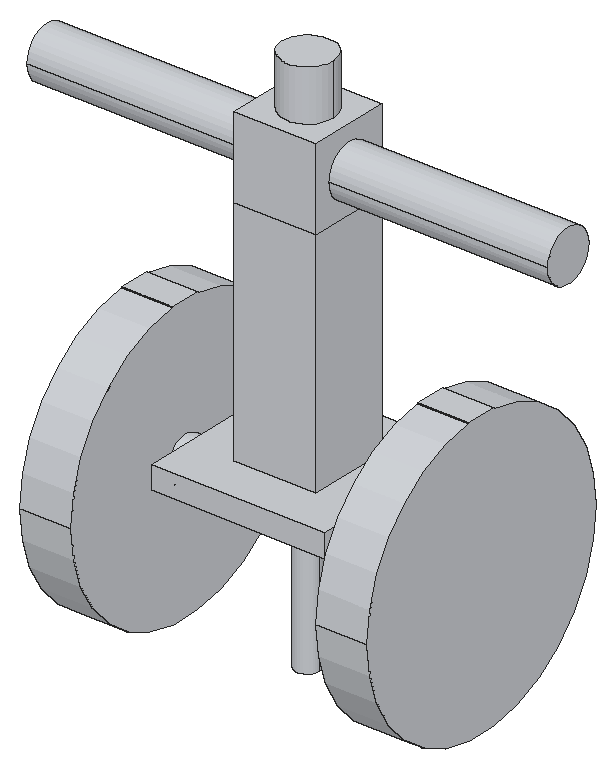
Revit family "87f93f973f2a4c068d18bf6a1d5cddf7", category Pipe Accessories, Revit 2021
Family settings
  Round Connector Dimension = Use Radius
  Part Type = Valve - Breaks Into
  OmniClass Number = 23.65.55.14.17
  OmniClass Title = Adjusting/Controlling Valves for Liquid Services
  Seek Item ID = Plug Valve - Lever Handle - 0.5-4 Inch-0000-USA-ENU
  Work Plane-Based = No
  Always vertical = Yes
  Cut with Voids When Loaded = No
  Shared = No
Parameters (values of type "1/2"")
  Width 1 = 1.5 * Nominal Radius  # 0' - 0 3/8"
  Valve Material = none
  Valve Length = 0' - 4 1/4"
  Radius 2 = 0.25 * Length 2  # 0' - 0 157/256"
  Radius 1 = 0.5 * Diameter 1  # 0' - 0.15"
  Outside Radius = 0.5 * Outside Diameter  # 0' - 0.275"
  Outside Diameter = Nominal Radius * 2.2  # 0.55"
  Open Height = 0' - 5"
  Nominal Radius = 1/4"
  Nominal Diameter = Nominal Radius * 2  # 1/2"
  Lever Length = 0' - 6 3/8"
  Length 2 = 0' - 2 29/64"
  Length 1 = 1 / 2 * Valve Length  # 0' - 2 1/8"
  K Coefficient = 0.33
  Height 3 = 0.55 * Nominal Diameter  # 0' - 0.275"
  Height 2 = 1.1 * Nominal Diameter  # 0' - 0.55"
  Height 1 = 0' - 1 3/4"
  Flange Radius = 0.5 * Flange Diameter  # 0' - 1 3/4"
  Flange Diameter = 0' - 3 1/2"
  Diameter 1 = 0.6 * Nominal Diameter  # 0' - 0.3"
  Default Elevation = 0' - 0"
Types (9): name | Width 1 | Valve Length | Radius 2 | Radius 1 | Outside Radius | Outside Diameter | Open Height | Nominal Radius | Nominal Diameter | Lever Length | Length 2 | Length 1 | K Coefficient | Height 3 | Height 2 | Height 1 | Flange Radius | Flange Diameter | Diameter 1
  (no name) | 0' - 0 3/8" | 0' - 4 1/4" | 0' - 0 157/256" | 0' - 0.15" | 0' - 0.275" | 0.55" | 0' - 5" | 1/4" | 1/2" | 0' - 6 3/8" | 0' - 2 29/64" | 0' - 2 1/8" | 0.33 | 0' - 0.275" | 0' - 0.55" | 0' - 1 3/4" | 0' - 1 3/4" | 0' - 3 1/2" | 0' - 0.3"
  1/2" | 0' - 0 3/8" | 0' - 4 1/4" | 0' - 0 157/256" | 0' - 0.15" | 0' - 0.275" | 0.55" | 0' - 5" | 1/4" | 1/2" | 0' - 6 3/8" | 0' - 2 29/64" | 0' - 2 1/8" | 0.33 | 0' - 0.275" | 0' - 0.55" | 0' - 1 3/4" | 0' - 1 3/4" | 0' - 3 1/2" | 0' - 0.3"
  3/4" | 0' - 0 9/16" | 0' - 4 5/8" | 0' - 0 171/256" | 0' - 0.225" | 0' - 0.4125" | 0.825" | 0' - 5" | 3/8" | 3/4" | 0' - 6 3/8" | 0' - 2 43/64" | 0' - 2 5/16" | 1.67 | 0' - 0.4125" | 0' - 0.825" | 0' - 1 241/256" | 0' - 1 15/16" | 0' - 3 7/8" | 0' - 0.45"
  1" | 0' - 0 3/4" | 0' - 5 1/2" | 0' - 0.79395" | 0' - 0.3" | 0' - 0.55" | 1.1" | 0' - 3 13/16" | 1/2" | 1" | 0' - 8 3/4" | 0' - 3 45/256" | 0' - 2 3/4" | 0.69 | 0' - 0.55" | 0' - 1.1" | 0' - 2 1/8" | 0' - 2 1/8" | 0' - 4 1/4" | 0' - 0.6"
  1 1/2" | 0' - 1 1/8" | 0' - 6 1/2" | 0' - 0.93848" | 0' - 0.45" | 0' - 0.825" | 1.65" | 0' - 4 9/16" | 3/4" | 1 1/2" | 1' - 0 1/2" | 0' - 3 193/256" | 0' - 3 1/4" | 0.27 | 0' - 0.825" | 0' - 1.65" | 0' - 2 1/2" | 0' - 2 1/2" | 0' - 5" | 0' - 0.9"
  2" | 0' - 1 1/2" | 0' - 7" | 0' - 1.01074" | 0' - 0.6" | 0' - 1.1" | 2.2" | 0' - 5 1/8" | 1" | 2" | 1' - 6" | 0' - 4 11/256" | 0' - 3 1/2" | 0.27 | 0' - 1.1" | 0' - 2.2" | 0' - 3" | 0' - 3" | 0' - 6" | 0' - 1.2"
  2 1/2" | 0' - 1 7/8" | 0' - 8" | 0' - 1.1543" | 0' - 0 3/4" | 0' - 1 3/8" | 2 3/4" | 0' - 5 11/16" | 1 1/4" | 2 1/2" | 2' - 0" | 0' - 4 79/128" | 0' - 4" | 0.44 | 0' - 1 3/8" | 0' - 2 3/4" | 0' - 3 1/2" | 0' - 3 1/2" | 0' - 7" | 0' - 1 1/2"
  3" | 0' - 2 1/4" | 0' - 8" | 0' - 1.1543" | 0' - 0.9" | 0' - 1.65" | 3.3" | 0' - 5 11/16" | 1 1/2" | 3" | 2' - 0" | 0' - 4 79/128" | 0' - 4" | 1.07 | 0' - 1.65" | 0' - 3.3" | 0' - 3 3/4" | 0' - 3 3/4" | 0' - 7 1/2" | 0' - 1.8"
  4" | 0' - 3" | 0' - 9" | 0' - 1.29883" | 0' - 1.2" | 0' - 2.2" | 4.4" | 0' - 7" | 2" | 4" | 2' - 6" | 0' - 5 25/128" | 0' - 4 1/2" | 1.07 | 0' - 2.2" | 0' - 4.4" | 0' - 4 1/2" | 0' - 4 1/2" | 0' - 9" | 0' - 2.4"
Reference planes (in)
  plane 1 "Center (Front/Back)": y = 0
  plane 2: z = 0
  plane 3 "Center (Left/Right)": x = 0
  plane 4: x = 2.125
  plane 5: x = -2.125
  plane 6: x = -1.5
  plane 7: x = 1.5
  plane 8: x = -1.0625
  plane 9: x = 1.0625
  plane 10: y = -1.0625
  plane 11: y = 1.0625
  plane 12: z = 0.55
  plane 13: z = 0.275
  plane 14: z = -1.75
  plane 15: y = 0.1875
  plane 16: y = -0.1875
  plane 17: z = 1.75
  plane 18: z = 5
  plane 19: z = 4.375
  plane 20: z = 3.375
  plane 21: x = 0.5
  plane 22: x = -0.5
  plane 23: y = -0.5
  plane 24: y = 0.5
  plane 25: z = 3.875
  plane 26: x = 3.1875
  plane 27: x = -3.1875
  plane 28: y = 1.22656
  plane 29: y = -1.22656
Forms (in)
  Extrusion 1, solid, material <- "Valve Material", detail levels fine
    sketch origin (0, 0, 0) x (0, 1, 0) y (0, 0, 1)
      loop
        circle (0, 0) r 1.75
    from -2.125 to -1.5
  Extrusion 2, solid, material <- "Valve Material", detail levels fine
    sketch origin (0, 0, 0) x (0, 1, 0) y (0, 0, -1)
      loop
        circle (0, 0) r 1.75
    from -2.125 to -1.5
  Extrusion 3, solid, material <- "Valve Material", detail levels fine
    sketch origin (0, 0, 0) x (0, 1, 0) y (0, 0, 1)
      loop
        circle (0, 0) r 0.275
    from -1.5 to 1.5
  Extrusion 4, solid, material <- "Valve Material", detail levels fine
    sketch origin (0, 0, 0) x (1, 0, 0) y (0, 1, 0)
      loop
        line (-1.0625, 1.0625) -> (-1.0625, -1.0625) -> (1.0625, -1.0625) -> (1.0625, 1.0625) -> (-1.0625, 1.0625)
    from 0.275 to 0.55
  Extrusion 5, solid, material <- "Valve Material", detail levels fine
    sketch origin (0, 0, 0) x (1, 0, 0) y (0, 1, 0)
      loop
        circle (0, 0) r 0.15
    from -1.75 to 0
  Extrusion 6, solid, material <- "Valve Material", detail levels fine
    sketch origin (0, 0, 0) x (1, 0, 0) y (0, 1, 0)
      loop
        line (-2.125, 0.1875) -> (-2.125, -0.1875) -> (-1.5, -0.1875) -> (-1.5, 0.1875) -> (-2.125, 0.1875)
    from 0 to 1.75
  Extrusion 7, solid, material <- "Valve Material", detail levels fine
    sketch origin (0, 0, 0) x (-1, 0, 0) y (0, -1, 0)
      loop
        line (-2.125, -0.1875) -> (-1.5, -0.1875) -> (-1.5, 0.1875) -> (-2.125, 0.1875) -> (-2.125, -0.1875)
    from 0 to 1.75
  Extrusion 8, solid, material <- "Valve Material", detail levels fine
    sketch origin (0, 0, 0) x (1, 0, 0) y (0, 1, 0)
      loop
        circle (0, 0) r 0.3125
    from 4.375 to 5
  Extrusion 9, solid, material <- "Valve Material", detail levels fine
    sketch origin (0, 0, 0) x (1, 0, 0) y (0, 1, 0)
      loop
        line (-0.5, 0.5) -> (-0.5, -0.5) -> (0.5, -0.5) -> (0.5, 0.5) -> (-0.5, 0.5)
    from 3.375 to 4.375
  Extrusion 10, solid, material <- "Valve Material", detail levels fine
    sketch origin (0, 0, 0) x (1, 0, 0) y (0, 1, 0)
      loop
        line (-0.5, 0.5) -> (-0.5, -0.5) -> (0.5, -0.5) -> (0.5, 0.5) -> (-0.5, 0.5)
    from 0.55 to 3.375
  Extrusion 11, solid, material <- "Valve Material", detail levels fine
    sketch origin (0, 0, 0) x (0, 1, 0) y (0, 0, 1)
      loop
        circle (0, 3.875) r 0.3125
    from -3.1875 to 3.1875
Cuts and joins
  joined: Extrusion 8, Extrusion 9
  joined: Extrusion 1, Extrusion 2, Extrusion 3, Extrusion 4, Extrusion 5, Extrusion 6, Extrusion 7, Extrusion 10
Lines and regions (in)
  model lines, detail levels coarse+medium
    curve 1: line (-2.125, 1.22779, 0) -> (2.125, -1.22656, 0)
    curve 2: line (2.125, 1.22656, 0) -> (-2.125, -1.22656, 0)
    curve 3: line (-2.125, 1.22779, 0) -> (-2.125, -1.22656, 0)
    curve 4: line (2.125, 1.22656, 0) -> (2.125, -1.22656, 0)
    curve 5: circle (0, 0, 0) r 0.61328 normal (0, 0, 1)
Dimensions and locks (in)
  equal spacing: plane 5, plane 3 "Center (Left/Right)", plane 4
  "Valve Length": plane 5 to plane 4
  locked: plane 5 to plane 6 at 0.625
  locked: plane 7 to plane 4 at 0.625
  equal spacing: plane 8, plane 3 "Center (Left/Right)", plane 9
  "Length 1": plane 8 to plane 9
  equal spacing: plane 10, plane 1 "Center (Front/Back)", plane 11
  "Length 1": plane 11 to plane 10
  "Height 2": plane 12 to plane 2
  "Height 3": plane 12 to plane 13
  "Flange Radius": plane 2 to plane 14
  equal spacing: plane 15, plane 1 "Center (Front/Back)", plane 16
  "Width 1": plane 15 to plane 16
  "Height 1": plane 17 to plane 2
  "Open Height": plane 18 to plane 2
  locked: plane 18 to plane 19 at 0.625
  locked: plane 19 to plane 20 at 1
  equal spacing: plane 24, plane 1 "Center (Front/Back)", plane 23
  locked: plane 24 to plane 23 at 1
  equal spacing: plane 22, plane 3 "Center (Left/Right)", plane 21
  locked: plane 22 to plane 21 at 1
  locked: plane 19 to plane 25 at 0.5
  equal spacing: plane 27, plane 3 "Center (Left/Right)", plane 26
  "Lever Length": plane 27 to plane 26
  equal spacing: plane 28, plane 1 "Center (Front/Back)", plane 29
  "Length 2": plane 28 to plane 29
  "Flange Radius": radius of Extrusion 1 sketch curve
  "Flange Radius": radius of Extrusion 2 sketch curve
  "Outside Radius": radius of Extrusion 3 sketch curve
  "Radius 1": radius of Extrusion 5 sketch curve
  radius of Extrusion 8 sketch curve = 0' - 0 5/16"
  radius of Extrusion 11 sketch curve = 0' - 0 5/16"
  "Radius 2": radius of curve 5
  locked: curve 1 to curve 2 (angle 60.00°)
  aligned and locked: plane 1 "Center (Front/Back)" to Extrusion 1 sketch curve
  aligned and locked: plane 2 to Extrusion 1 sketch curve
  aligned and locked: plane 5 to Extrusion 1
  aligned and locked: Extrusion 1 to plane 6
  aligned and locked: plane 1 "Center (Front/Back)" to Extrusion 2 sketch curve
  aligned and locked: plane 2 to Extrusion 2 sketch curve
  aligned and locked: plane 4 to Extrusion 2
  aligned and locked: Extrusion 2 to plane 7
  aligned and locked: plane 1 "Center (Front/Back)" to Extrusion 3 sketch curve
  aligned and locked: plane 2 to Extrusion 3 sketch curve
  aligned and locked: plane 6 to Extrusion 3
  aligned and locked: plane 7 to Extrusion 3
  aligned and locked: plane 8 to Extrusion 4 sketch curve
  aligned and locked: Extrusion 4 sketch curve to plane 11
  aligned and locked: plane 10 to Extrusion 4 sketch curve
  aligned and locked: plane 9 to Extrusion 4 sketch curve
  aligned and locked: plane 12 to Extrusion 4
  aligned and locked: Extrusion 4 to plane 13
  aligned and locked: plane 3 "Center (Left/Right)" to Extrusion 5 sketch curve
  aligned and locked: plane 1 "Center (Front/Back)" to Extrusion 5 sketch curve
  aligned and locked: Extrusion 5 to plane 14
  aligned and locked: plane 2 to Extrusion 5
  aligned and locked: plane 5 to Extrusion 6 sketch curve
  aligned and locked: Extrusion 6 sketch curve to plane 15
  aligned and locked: plane 16 to Extrusion 6 sketch curve
  aligned and locked: plane 6 to Extrusion 6 sketch curve
  aligned and locked: plane 17 to Extrusion 6
  aligned and locked: Extrusion 6 to plane 2
  aligned and locked: plane 15 to Extrusion 7
  aligned and locked: plane 4 to Extrusion 7
  aligned and locked: plane 16 to Extrusion 7
  aligned and locked: Extrusion 7 to plane 7
  aligned and locked: plane 17 to Extrusion 7
  aligned and locked: Extrusion 7 to plane 2
  aligned and locked: plane 3 "Center (Left/Right)" to Extrusion 8 sketch curve
  aligned and locked: plane 1 "Center (Front/Back)" to Extrusion 8 sketch curve
  aligned and locked: plane 18 to Extrusion 8
  aligned and locked: Extrusion 8 to plane 19
  aligned and locked: plane 22 to Extrusion 9 sketch curve
  aligned and locked: Extrusion 9 sketch curve to plane 24
  aligned and locked: plane 23 to Extrusion 9 sketch curve
  aligned and locked: Extrusion 9 sketch curve to plane 21
  aligned and locked: plane 19 to Extrusion 9
  aligned and locked: Extrusion 9 to plane 20
  aligned and locked: Extrusion 10 sketch curve to Extrusion 9  (x3)
  aligned and locked: Extrusion 9 to Extrusion 10 sketch curve
  aligned and locked: plane 20 to Extrusion 10
  aligned and locked: Extrusion 10 to plane 12
  aligned and locked: plane 1 "Center (Front/Back)" to Extrusion 11 sketch curve
  aligned and locked: plane 25 to Extrusion 11 sketch curve
  aligned and locked: plane 27 to Extrusion 11
  aligned and locked: plane 26 to Extrusion 11
  aligned and locked: plane 5 to curve 3
  aligned and locked: curve 4 to plane 4
  aligned and locked: plane 3 "Center (Left/Right)" to curve 5
  aligned and locked: plane 1 "Center (Front/Back)" to curve 5
Automatic sketch dimensions
  Extrusion 7 sketch curve to plane 4 = 0' - 0"
  Extrusion 7 sketch curve to plane 7 = 0' - 0"
  Extrusion 7 sketch curve to plane 16 = 0' - 0"
  Extrusion 7 sketch curve to plane 15 = 0' - 0"
  curve 1 to plane 29 = 0' - 0"
  curve 2 to plane 29 = 0' - 0"
  curve 4 to plane 28 = 0' - 0"
Connectors (in)
  piping at (-2.125, 0, 0), diameter 0.5, driven by "Nominal Radius"
    settings: on Extrusion 1, index 1, connector inside diameter 1/2", connector length 0' - 0", flow factor 0, pipe flow 0 GPM, pressure drop 0.00 psi, fitting loss kfactor 0, connector angle 0.00°, fixture units 0, engagement length 0' - 0", angle of deflection 0.00°, flow configuration 0, flow direction 0, fitting loss method 2, system type 29, joint type 0, gender type 0, connector reference index 2, connector utility 0, adjustable connector no, is connector primary yes, connector description ""
  piping at (2.125, 0, 0), diameter 0.5, driven by "K Coefficient", driven by "Nominal Radius"
    settings: on Extrusion 2, index 2, connector inside diameter 1/2", connector length 0' - 0", flow factor 0, pipe flow 0 GPM, pressure drop 0.00 psi, fitting loss kfactor 0.33, connector angle 0.00°, fixture units 0, engagement length 0' - 0", angle of deflection 0.00°, flow configuration 0, flow direction 0, fitting loss method 2, system type 29, joint type 0, gender type 0, connector reference index 1, connector utility 0, adjustable connector no, is connector primary no, connector description ""
